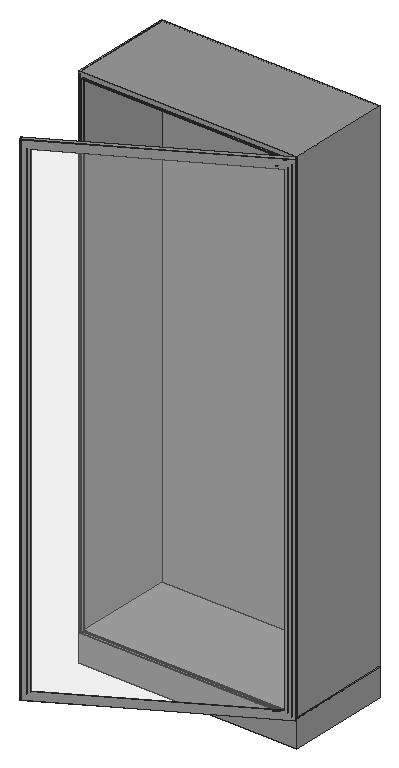
Revit family "Hager-Univers-IP55-D400-H1950-Cl.I-Steel_encl-NoHosted-NL-en", category Equipement électrique, Revit 2020
Family settings
  Configuration du panneau = Deux colonnes, circuits au sein
  Cote de connecteur circulaire = Utiliser le diamètre
  Type d'élément = Tableau de raccordement
  Basée sur le plan de construction = Oui
  Toujours verticalement = Oui
  Couper avec des vides une fois chargée = Non
  Partagée = Non
  Point de calcul de pièce = Non
Parameters (values of type "Floor installation IP55 W800 H1950 D400  - FR23V1")
  Width Control [instance] = if([EF000008 - Width] > Min Width, [EF000008 - Width], Min Width)  # 800 mm
  Commentaires du type = [HG000003 - Range]  # "Univers"
  Thickness Door [instance] = if([EF009171 - Material plate thickness door/cover] > 3 mm, 3 mm, [EF009171 - Material plate thickness door/cover])  # 1.5 mm
  Seal Frame Offset [instance] = 17 mm  # constant formula
  Plinth Visibility [instance] = [HG000027 - Plinth height] > 0 mm  # yes
  Min Width [instance] = 100 mm  # constant formula
  Min Depth [instance] = (2 * [EF009170 - Material plate thickness cabinet]) + 1 mm  # 4 mm
  Min Height [instance] = 100 mm  # constant formula
  Internal Frame Depth [instance] = (Door System Depth * 0.5)  # 9 mm
  Panel Name [instance] = ""  # (empty or 0)
  Model = ""
  HG000027 - Plinth height = 100 mm
  HG000026 - Floor standing = yes
  HG000024 - Bottom section height = 600 mm
  HG000023 - Double section enclosure = no
  HG000016 - Door 3d visibility [instance] = yes
  HG000015 - Clearance visibility [instance] = no
  HG000014 - Door on the right [instance] = yes
  HG000013 - Door on the left [instance] = not([HG000014 - Door on the right])  # no
  HG000012 - Door swing angle [instance] = 30.00°
  HG000010 - Asymmetric doors = no
  HG000009 - Double swing door = no
  HG000006 - Flush mounted = no
  HG000004 - Manufacturer reference = "FR23V1"
  HG000003 - Range = "Univers"
  HG000002 - With door or cover = yes
  Frame Offset Bottom [instance] = 10 mm  # constant formula
  Frame Offset [instance] = 15 mm  # constant formula
  EF015940 - Cover with overpressure release = no
  EF011959 - Degree of protection (NEMA) = ""
  EF009554 - Number of openings for flange plates = 6
  EF009212 - Cover model = "EV000116 - Closed"
  EF009171 - Material plate thickness door/cover = 1.5 mm
  EF009170 - Material plate thickness cabinet = 1.5 mm
  EF008873 - Nominal current (In) = 800 A
  EF007800 - Suitable for lightning protection = no
  EF006306 - With lock = no
  EF006244 - Transparent cover/door = yes
  EF005474 - Degree of protection (IP) = "EV006420 - IP55"
  EF004464 - Type of door = "EV002646 - Single"
  EF004427 - Number of modules = 432
  EF004293 - Impact strength = "EV008784 - IK10"
  EF003532 - Suitable for outdoor use = no
  EF002950 - Width in number of modular spacings = 24
  EF001613 - Circuit integrity = "EV000494 - None"
  EF001596 - Material housing = "EV000179 - Steel"
  EF001131 - Internal depth = 400 mm
  EF001088 - Extension possible = yes
  EF000437 - Number of conduit inlets = 6
  EF000339 - Type of cover = "EV004216 - Door"
  EF000266 - Number of rows = 12
  EF000218 - Built-in depth = 0 mm
  EF000118 - With mounting plate = no
  EF000116 - RAL-number = "7035"
  EF000049 - Depth = 400 mm
  EF000040 - Height = 1950 mm
  EF000008 - Width = 800 mm
  EF000007 - Colour = "EV000270 - Grey"
  EF000003 - Mounting method = "EV012274 - Floor installation"
  Door System Leaf Tolerance [instance] = 1.5 mm  # constant formula
  Door System Depth [instance] = 18 mm  # constant formula
  Door Height [instance] = Height Control - [HG000027 - Plinth height]  # 1850 mm
  Description = ""
  Default Elevation = 1219.2 mm
  Connector Offset [instance] = Height Control / 2  # 975 mm
  Fabricant = "Hager"  # constant formula
  Height Control [instance] = if([EF000040 - Height] > Min Height, [EF000040 - Height], Min Height)  # 1950 mm
  Depth Control [instance] = if([EF000049 - Depth] > Min Depth, [EF000049 - Depth], Min Depth)  # 400 mm
  Bottom Top Plate Trim [instance] = 1.5 mm  # constant formula
  Plinth height Ctrl [instance] = if([HG000027 - Plinth height] > 0 mm, [HG000027 - Plinth height], 12 mm)  # 100 mm
Types (11, lengths in mm): name | Width Control | HG000010 - Asymmetric doors | HG000009 - Double swing door | HG000004 - Manufacturer reference | EF009554 - Number of openings for flange plates | EF006244 - Transparent cover/door | EF004464 - Type of door | EF004427 - Number of modules | EF000437 - Number of conduit inlets | EF000008 - Width
  Floor installation IP55 W1050 H1950 D400  - FR24G1 | 1050 | yes | yes | "FR24G1" | 8 | no | "EV003602 - Double" | 576 | 8 | 1050
  Floor installation IP55 W1050 H1950 D400  - FR24V1 | 1050 | yes | yes | "FR24V1" | 8 | yes | "EV003602 - Double" | 576 | 8 | 1050
  Floor installation IP55 W1300 H1950 D400  - FR25G1 | 1300 | yes | yes | "FR25G1" | 10 | no | "EV003602 - Double" | 720 | 10 | 1300
  Floor installation IP55 W1300 H1950 D400  - FR25V1 | 1300 | yes | yes | "FR25V1" | 10 | yes | "EV003602 - Double" | 720 | 10 | 1300
  Floor installation IP55 W1550 H1950 D400  - FR26G1 | 1550 | yes | yes | "FR26G1" | 12 | no | "EV003602 - Double" | 864 | 12 | 1550
  Floor installation IP55 W1550 H1950 D400  - FR26V1 | 1550 | yes | yes | "FR26V1" | 12 | yes | "EV003602 - Double" | 864 | 12 | 1550
  Floor installation IP55 W300 H1950 D400  - FR21G1 | 300 | no | no | "FR21G1" | 2 | no | "EV002646 - Single" | 144 | 2 | 300
  Floor installation IP55 W550 H1950 D400  - FR22G1 | 550 | no | no | "FR22G1" | 4 | no | "EV002646 - Single" | 288 | 4 | 550
  Floor installation IP55 W550 H1950 D400  - FR22V1 | 550 | no | no | "FR22V1" | 4 | yes | "EV002646 - Single" | 288 | 4 | 550
  Floor installation IP55 W800 H1950 D400  - FR23G1 | 800 | no | no | "FR23G1" | 6 | no | "EV002646 - Single" | 432 | 6 | 800
  Floor installation IP55 W800 H1950 D400  - FR23V1 | 800 | no | no | "FR23V1" | 6 | yes | "EV002646 - Single" | 432 | 6 | 800
Reference planes
  plane 1 "Center (Front/Back)": y = 0
  plane 2: z = 0
  plane 3 "Center (Left/Right)": x = 0
  plane 4: y = 0
  plane 5: y = 0
  plane 6: z = 0
  plane 7: x = -400
  plane 8: x = 400
  plane 9: x = 398.5
  plane 10: x = -398.5
  plane 11: z = 100
  plane 12: z = 101.5
  plane 13: y = -400
  plane 14: y = -1.5
  plane 15: x = 0
  plane 16: y = -382
  plane 17: y = -398.5
  plane 18: y = -380.5
  plane 19: x = -383.5
  plane 20: x = 383.5
  plane 21: z = 111.5
  plane 22: x = -383
  plane 23: x = 383
  plane 24: z = 100
  plane 25: z = 1950
  plane 26: z = 1950
  plane 27: z = 1933.5
  plane 28: z = 1948.5
Forms (mm)
  Extrusion 1, solid, material "Hager_Steel_RAL7035_Light_Grey", detail levels medium+fine
    sketch origin (-208.679, -4572, 100) x (-1, 0, 0) y (0, -1, 0)
      loop
        line (191.321, -4190) -> (-608.679, -4190) -> (-608.679, -4572) -> (191.321, -4572) -> (191.321, -4190)
    from 0 to 1850
  Extrusion 2, void
    sketch origin (-350.771, -400, 1219.2) x (1, 0, 0) y (0, 0, 1)
      loop
        line (-47.729, 729.3) -> (-47.729, -1117.7) -> (749.271, -1117.7) -> (749.271, 729.3) -> (-47.729, 729.3)
    from -19.5 to -398.5
  Extrusion 3, void
    sketch origin (-290.084, -382, 1219.2) x (1, 0, 0) y (0, 0, 1)
      loop
        line (-93.416, -1107.7) -> (673.584, -1107.7) -> (673.584, 714.3) -> (-93.416, 714.3) -> (-93.416, -1107.7)
    from 0 to -1.5
  Extrusion 4, solid, material "Hager_Steel_RAL7035_Light_Grey", visible <- "Plinth Visibility", detail levels medium+fine
    sketch origin (0, 0, 0) x (1, 0, 0) y (0, 1, 0)
      loop
        line (-400, 0) -> (-400, -382) -> (400, -382) -> (400, 0) -> (-400, 0)
    from 0 to 100 <- "Plinth height Ctrl"
  Extrusion 5, solid, material "Hager_Steel_RAL7035_Light_Grey", detail levels coarse
    sketch origin (0, 0, 0) x (1, 0, 0) y (0, 1, 0)
      loop
        line (-400, 0) -> (-400, -400) -> (400, -400) -> (400, 0) -> (-400, 0)
    from 0 to 1950 <- "Height Control"
  Sweep 6, void
    path in 3D
      loop
        line (-400, -382, 100) -> (400, -382, 100) -> (400, 0, 100) -> (-400, 0, 100) -> (-400, -382, 100)
    profile origin (-400, -191, 100) x (1, 0, 0) y (0, 0, 1)
      loop
        line (0, 0) -> (0, -1.5) -> (1.5, -1.5)
        arc (1.5, -1.5) -> (1.061, -0.439) -> (0, 0) r 1.5
  Extrusion 7, solid, material "Hager_Steel_RAL7035_Light_Grey", detail levels fine
    sketch origin (-400, -382, 100) x (1, 0, 0) y (0, 0, 1)
      loop
        line (16.5, 11.5) -> (783.5, 11.5) -> (783.5, 1833.5) -> (16.5, 1833.5) -> (16.5, 11.5)
      loop
        line (15, 10) -> (785, 10) -> (785, 1835) -> (15, 1835) -> (15, 10)
    from 0 to 9 <- "Internal Frame Depth"
Cuts and joins
  Extrusion 2, Extrusion 3 cuts Extrusion 1
  Sweep 6 cuts Extrusion 4
Lines and regions (mm)
  Masking region 1
    outline origin (0, 0, 0) x (1, 0, 0) y (0, 1, 0)
      loop
        line (-400, 0) -> (-400, -400) -> (400, -400) -> (400, 0) -> (-400, 0)
  Masking region 2, detail levels coarse
    outline origin (-290.084, -382, 1219.2) x (-1, 0, 0) y (0, 0, 1)
      loop
        line (-690.084, -1219.2) -> (109.916, -1219.2) -> (109.916, 730.8) -> (-690.084, 730.8) -> (-690.084, -1219.2)
  Masking region 3, detail levels coarse
    outline origin (0, 0, 0) x (0, 1, 0) y (0, 0, 1)
      loop
        line (0, 0) -> (0, 1950) -> (-400, 1950) -> (-400, 0) -> (0, 0)
  Masking region 4, visible <- "Plinth Visibility", detail levels medium+fine
    outline origin (0, 0, 0) x (0, 1, 0) y (0, 0, 1)
      loop
        line (-1.5, 100) -> (-380.5, 100)
        arc (-380.5, 100) -> (-380.939, 98.939) -> (-382, 98.5) r 1.5
        line (-382, 98.5) -> (-382, 0) -> (0, 0) -> (0, 98.5)
        arc (0, 98.5) -> (-1.061, 98.939) -> (-1.5, 100) r 1.5
  Masking region 5, detail levels medium+fine
    outline origin (0, 0, 594.038) x (0, 1, 0) y (0, 0, 1)
      loop
        line (0, -494.038) -> (0, 1355.962) -> (-382, 1355.962) -> (-382, -494.038) -> (0, -494.038)
  Masking region 6, detail levels medium+fine
    outline origin (-359.7, -382, 1211.883) x (-1, 0, 0) y (0, 0, 1)
      loop
        line (-759.7, -1111.883) -> (40.3, -1111.883) -> (40.3, 738.117) -> (-759.7, 738.117) -> (-759.7, -1111.883)
  Masking region 7, visible <- "Plinth Visibility", detail levels medium+fine
    outline origin (-320.334, -382, 1041.368) x (-1, 0, 0) y (0, 0, 1)
      loop
        line (-720.334, -1041.368) -> (79.666, -1041.368) -> (79.666, -942.868)
        arc (79.666, -942.868) -> (78.606, -942.429) -> (78.166, -941.368) r 1.5
        line (78.166, -941.368) -> (-718.834, -941.368)
        arc (-718.834, -941.368) -> (-719.273, -942.429) -> (-720.334, -942.868) r 1.5
        line (-720.334, -942.868) -> (-720.334, -1041.368)
  sketch lines
    curve 1: line (-400, 0, 100) -> (-400, -382, 100)
    curve 2: line (-400, -382, 100) -> (400, -382, 100)
    curve 3: line (400, 0, 100) -> (-400, 0, 100)
    curve 4: line (400, -382, 100) -> (400, 0, 100)
Dimensions and locks
  locked: plane 1 "Center (Front/Back)" to plane 5
  "EF009170 - Material plate thickness cabinet": plane 7 to plane 10
  "EF009170 - Material plate thickness cabinet": plane 8 to plane 9
  equal spacing: plane 7, plane 3 "Center (Left/Right)", plane 8
  "Width Control": plane 7 to plane 8
  "Depth Control": plane 4 to plane 13
  "EF009170 - Material plate thickness cabinet": plane 4 to plane 14
  "Height Control": plane 25 to level
  "HG000027 - Plinth height": plane 11 to level
  "EF009170 - Material plate thickness cabinet": plane 12 to plane 11
  "EF009170 - Material plate thickness cabinet": plane 17 to plane 13
  "EF009170 - Material plate thickness cabinet": plane 18 to plane 16
  "Frame Offset Bottom": plane 21 to plane 12
  "Frame Offset": plane 10 to plane 19
  "Frame Offset": plane 9 to plane 20
  "Door System Depth": plane 16 to plane 13
  "Seal Frame Offset": plane 7 to plane 22
  "Seal Frame Offset": plane 8 to plane 23
  "EF009170 - Material plate thickness cabinet": plane 26 to plane 28
  "Frame Offset": plane 28 to plane 27
  "Connector Offset": plane 2 to connector elem
  "Bottom Top Plate Trim": profile plane to Sweep 6 sketch curve
  "Bottom Top Plate Trim": Sweep 6 sketch curve to Sweep 6 sketch curve
  "Plinth height Ctrl": Masking region 4 sketch curve to level
  "Plinth height Ctrl": Masking region 7 sketch curve to level
  "Thickness Door": Extrusion 7 sketch curve to Extrusion 7 sketch curve  (x4)
  "Bottom Top Plate Trim": radius of Sweep 6 sketch curve
  "Bottom Top Plate Trim": radius of Masking region 4 sketch curve  (x2)
  "Bottom Top Plate Trim": radius of Masking region 7 sketch curve  (x2)
  aligned and locked: Extrusion 2 sketch curve to plane 12
  aligned and locked: Extrusion 2 sketch curve to plane 9
  aligned and locked: Extrusion 2 sketch curve to plane 10
  aligned and locked: Extrusion 2 to plane 14
  aligned and locked: Extrusion 1 sketch curve to plane 4
  aligned and locked: plane 8 to Extrusion 1 sketch curve
  aligned and locked: plane 7 to Extrusion 1 sketch curve
  aligned and locked: Extrusion 2 to plane 18
  aligned and locked: Extrusion 3 sketch curve to plane 19
  aligned and locked: plane 20 to Extrusion 3 sketch curve
  aligned and locked: Extrusion 3 to Extrusion 2
  aligned and locked: Extrusion 3 sketch curve to plane 21
  aligned and locked: plane 3 "Center (Left/Right)" to nested 1
  aligned and locked: Extrusion 1 sketch curve to plane 16
  aligned and locked: Extrusion 4 sketch curve to cut or joined group of Extrusion 1, Extrusion 2, Extrusion 3
  aligned and locked: Masking region 1 sketch curve to plane 7
  aligned and locked: Masking region 1 sketch curve to plane 5
  aligned and locked: Masking region 1 sketch curve to plane 8
  aligned and locked: Masking region 2 sketch curve to level
  aligned and locked: level to Masking region 3 sketch curve
  aligned and locked: plane 1 "Center (Front/Back)" to Masking region 3 sketch curve
  aligned and locked: plane 13 to Masking region 3 sketch curve
  aligned and locked: plane 5 to Masking region 4 sketch curve
  aligned and locked: Masking region 2 sketch curve to plane 8
  aligned and locked: Masking region 2 sketch curve to plane 7
  aligned and locked: plane 7 to nested 2
  aligned and locked: nested 2 to plane 5
  aligned and locked: plane 5 to Masking region 5 sketch curve
  aligned and locked: plane 26 to Masking region 5 sketch curve
  aligned and locked: Extrusion 5 sketch curve to plane 8
  aligned and locked: Extrusion 5 sketch curve to plane 7
  aligned and locked: Extrusion 5 sketch curve to plane 5
  aligned and locked: Extrusion 3 sketch curve to plane 27
  aligned and locked: Extrusion 2 sketch curve to plane 28
  aligned and locked: Masking region 2 to plane 25
  aligned and locked: Extrusion 4 to plane 16
  aligned and locked: profile plane to Sweep 6 sketch curve
  aligned and locked: Masking region 5 sketch curve to plane 24
  aligned and locked: level to Masking region 4 sketch curve
  aligned and locked: Masking region 1 to plane 13
  aligned and locked: nested 1 to plane 16
  aligned and locked: Masking region 3 to plane 25
  aligned and locked: plane 16 to Masking region 4 sketch curve
  aligned and locked: Masking region 5 sketch curve to plane 16
  aligned and locked: plane 24 to plane 11
  aligned and locked: plane 26 to plane 25
  aligned and locked: plane 26 to cut or joined group of Extrusion 1, Extrusion 2, Extrusion 3
  aligned and locked: nested 1 to plane 24
  aligned and locked: Extrusion 1 to Extrusion 3
  aligned and locked: Masking region 6 sketch curve to plane 8
  aligned and locked: Masking region 6 sketch curve to plane 24
  aligned and locked: Masking region 6 sketch curve to plane 7
  aligned and locked: Masking region 6 sketch curve to plane 26
  aligned and locked: Masking region 7 sketch curve to plane 7
  aligned and locked: level to Masking region 7 sketch curve
  aligned and locked: Masking region 7 sketch curve to plane 8
  aligned and locked: Extrusion 7 sketch curve to cut or joined group of Extrusion 1, Extrusion 2, Extrusion 3  (x4)
Automatic sketch dimensions
  plane 19 to Extrusion 3 sketch curve = 0 mm
  Extrusion 3 sketch curve to plane 20 = 0 mm
  Extrusion 3 sketch curve to plane 21 = 0 mm
  Extrusion 4 sketch curve to plane 7 = 0 mm
  Extrusion 4 sketch curve to plane 8 = 0 mm
  Extrusion 4 sketch curve to plane 16 = 0 mm
  Masking region 1 sketch curve to plane 13 = 0 mm
  Masking region 2 sketch curve to plane 25 = 0 mm
  Masking region 3 sketch curve to plane 25 = 0 mm
  Extrusion 5 sketch curve to plane 13 = 0 mm
  profile plane to Sweep 6 sketch curve = 0 mm
Nested families
  nested 1: "EC000058_Univers_Door" at (0, -382, 100), Double <- "HG000009 - Double swing door", Transparent <- "EF006244 - Transparent cover/door", Angle <- "HG000012 - Door swing angle", Door_Right <- "HG000014 - Door on the right", Assymetrical <- "HG000010 - Asymmetric doors", Door <- "HG000002 - With door or cover", Width_Ctrl <- "Width Control", 3d_Door <- "HG000016 - Door 3d visibility", Clearance <- "HG000015 - Clearance visibility", Door_Left <- "HG000013 - Door on the left", Width <- "Width Control", Door_Depth <- "Door System Depth", Leaf_Tolerance <- "Door System Leaf Tolerance", Height <- "Door Height", Lock_Visibility <- "EF006306 - With lock", Thickness <- "Thickness Door", type "EC000058_Univers_Door", detail levels medium+fine
    with min_wh 4 mm, Width_Ctrl 800 mm, Width 800 mm, Transparent yes, Thickness 1.5 mm, Seal_Material Hager_Rubber, Lock_Visibility no, Lock_Material Hager_Plastic_RAL9005_Jet_Black, Leaf_Width 800 mm, Leaf_Tolerance_External_Sides 0 mm, Leaf_Tolerance 1.5 mm, Leaf_Offset 0 mm, Leaf_Height 1847 mm, Leaf_2_Width 800 mm, Leaf_2_Offset 400 mm, Leaf_1_Width 800 mm, Leaf_1_Offset 400 mm, Height_Ctrl 1850 mm, Height 1850 mm, Glass_Material Hager_Glass, Double_Clearance_Ctrl no, Double no, Door_Right_Ctrl yes, Door_Right yes, Door_Material Hager_Steel_RAL7035_Light_Grey, Door_Left_Ctrl no, Door_Left no, Door_Depth 18 mm, Door yes, Clearance_Material Hager_Clearance, Clearance_Depth 800 mm, Clearance_Ctrl no, Clearance no, Assymetrical no, Angle 30.00°, 3d_Door yes
  nested 2: "Hager_Enclosure_Symbol" at (-400, 0, 0), Height <- "Depth Control", Width <- "Width Control", type "Hager_Enclosure_Symbol"
    with Width_Ctrl 800 mm, Width 800 mm, Height_Ctrl 400 mm, Height 400 mm, A_Width_Int 26.25 mm, A_Width 315 mm, A_Height_Ctrl 350 mm, A_Height 350 mm
Connectors
  electrical at (0, 0, 975)
    settings: on plane 1 "Center (Front/Back)", index 1, voltage 0 V, apparent load 0 VA, apparent load phase1 0 VA, apparent load phase2 0 VA, apparent load phase3 0 VA, power factor 1, load classification "Other", number of poles 1, system type 30, power factor state 1, is connector primary yes, connector utility no, sub classification motor no, connector description ""
Definition of nested family "EC000058_Univers_Door"
  Parameters (values of type "EC000058_Univers_Door")
    min_wh [instance] = (2 * Thickness) + 1 mm  # 11 mm
    Width_Ctrl [instance] = 400 mm
    Width [instance] = 500 mm
    Transparent [instance] = yes
    Thickness [instance] = 5 mm
    Seal_Material [instance] = none
    Lock_Visibility [instance] = yes
    Lock_Material [instance] = none
    Leaf_Width [instance] = if((Width_Ctrl - 2 * Leaf_Tolerance_External_Sides) > 0 mm, (Width_Ctrl - 2 * Leaf_Tolerance_External_Sides), min_wh)  # 400 mm
    Leaf_Tolerance_External_Sides [instance] = 0 mm  # constant formula
    Leaf_Tolerance [instance] = 1.5 mm
    Leaf_Offset [instance] = 0 mm  # constant formula
    Leaf_Height [instance] = if((Height_Ctrl - 2 * Leaf_Tolerance) > 0 mm, (Height_Ctrl - 2 * Leaf_Tolerance), min_wh)  # 497 mm
    Leaf_2_Width [instance] = if(and(and(Double, Assymetrical), Door_Left), (Leaf_Width / 3) - (Leaf_Tolerance / 2), if(and(and(Double, Assymetrical), Door_Right), (Leaf_Width / 3) * 2 - (Leaf_Tolerance / 2), if(and(Double, not(Assymetrical)), (Leaf_Width / 2) - Leaf_Tolerance, Leaf_Width)))  # 400 mm
    Leaf_2_Offset [instance] = if(and(Double, Assymetrical), Leaf_2_Width / 2, if(and(Double, not(Assymetrical)), Leaf_Width / 4, Leaf_Width / 2))  # 200 mm
    Leaf_1_Width [instance] = if(and(and(Double, Assymetrical), Door_Right), (Leaf_Width / 3) - (Leaf_Tolerance / 2), if(and(and(Double, Assymetrical), Door_Left), (Width / 3) * 2 - (Leaf_Tolerance / 2), if(and(Double, not(Assymetrical)), (Leaf_Width / 2) - Leaf_Tolerance, Leaf_Width)))  # 400 mm
    Leaf_1_Offset [instance] = if(and(Double, Assymetrical), Leaf_1_Width / 2, if(and(Double, not(Assymetrical)), Leaf_Width / 4, Leaf_Width / 2))  # 200 mm
    Height_Ctrl [instance] = if(Height > min_wh, Height, min_wh)  # 500 mm
    Height [instance] = 500 mm
    Glass_Material [instance] = none
    Double_Clearance_Ctrl [instance] = and(Double, Clearance)  # no
    Double [instance] = no
    Door_Right_Ctrl [instance] = and(or(Door_Right, Double), Door)  # yes
    Door_Right [instance] = yes
    Door_Material [instance] = none
    Door_Left_Ctrl [instance] = and(or(Door_Left, Double), Door)  # no
    Door_Left [instance] = no
    Door_Depth [instance] = 30 mm
    Door [instance] = yes
    Default Elevation = 1219.2 mm
    Clearance_Material [instance] = none
    Clearance_Depth [instance] = if(Leaf_1_Width > Leaf_2_Width, Leaf_1_Width, Leaf_2_Width)  # 400 mm
    Clearance_Ctrl [instance] = and(not(Double), Clearance)  # yes
    Clearance [instance] = yes
    Assymetrical [instance] = yes
    Angle [instance] = 30.00°
    3d_Door [instance] = yes
  Reference planes
    plane 1 "Center (Front/Back)": y = 0
    plane 2 "Bottom": z = 0
    plane 3 "Center (Left/Right)": x = 0
    plane 4: z = 500
    plane 5: x = -200
    plane 6: x = 200
    plane 7: z = 500
    plane 8: x = -200
    plane 9: z = 0
    plane 10: x = 200
    plane 11: y = 0
    plane 12: z = 1.5
    plane 13: x = -600
    plane 14: y = -400
    plane 15: x = 600
    plane 16: x = 0
    plane 17: x = 0
    plane 18: x = -200
    plane 19: x = 200
    plane 20: z = 498.5
  Forms (mm)
    Extrusion 1, solid, material <- "Clearance_Material", visible <- "Double_Clearance_Ctrl"
      sketch origin (1200, 0, 0) x (1, 0, 0) y (0, 0, -1)
        loop
          line (-1800, -498.5) -> (-600, -498.5) -> (-600, 0) -> (-1800, 0) -> (-1800, -498.5)
      from 0 to -400
  Dimensions and locks
    equal spacing: plane 5, plane 3 "Center (Left/Right)", plane 6
    "Width_Ctrl": plane 5 to plane 6
    "Leaf_Offset": plane 5 to plane 8
    "Leaf_Offset": plane 6 to plane 10
    "Leaf_Offset": plane 9 to level
    "Leaf_Offset": plane 4 to plane 7
    "Height_Ctrl": plane 4 to level
    "Leaf_Tolerance": plane 12 to plane 9
    locked: plane 11 to plane 1 "Center (Front/Back)"
    "Leaf_1_Offset": plane 18 to plane 16
    "Leaf_2_Offset": plane 17 to plane 19
    "Leaf_1_Width": plane 13 to plane 8
    "Leaf_2_Width": plane 10 to plane 15
    "Clearance_Depth": plane 14 to plane 1 "Center (Front/Back)"
    "Leaf_Tolerance_External_Sides": plane 8 to plane 18
    "Leaf_Tolerance_External_Sides": plane 19 to plane 10
    "Leaf_Tolerance": plane 7 to plane 20
    aligned and locked: level to plane 2 "Bottom"
    aligned and locked: nested 1 to plane 16
    aligned and locked: nested 2 to plane 17
    aligned and locked: Extrusion 1 to plane 13
    aligned and locked: plane 15 to Extrusion 1
    aligned and locked: Extrusion 1 to plane 14
    aligned and locked: plane 12 to nested 1
    aligned and locked: nested 2 to plane 12
    aligned and locked: Extrusion 1 to plane 11
    aligned and locked: plane 20 to Extrusion 1
    aligned and locked: nested 2 to plane 11
    aligned and locked: nested 1 to plane 11
  Automatic sketch dimensions
    Extrusion 1 sketch curve to level = 0 mm
    plane 5 to Extrusion 1 sketch curve = 400 mm
    plane 6 to Extrusion 1 sketch curve = 400 mm
    Extrusion 1 sketch curve to plane 4 = 1.5 mm
  Nested families
    nested 1: "EC000058_Univers_Door_Leaf" at (0, 0, 1.5), Width <- "Leaf_1_Width", visible <- "Door_Left_Ctrl", Leaf_Height <- "Leaf_Height", Angle <- "Angle", 3d_Door <- "3d_Door", Transparent <- "Transparent", Clearance Material <- "Clearance_Material", Clearance <- "Clearance_Ctrl", Door_Material <- "Door_Material", Glass_Material <- "Glass_Material", Door_Depth <- "Door_Depth", Lock_Material <- "Lock_Material", Seal_Material <- "Seal_Material", Lock_Visibility <- "Lock_Visibility", Thickness <- "Thickness", type "EC000058_Univers_Door_Leaf"
      with Width 400 mm, Transparent_Glass_Offset 30 mm, Transparent_Ctrl yes, Transparent yes, Thickness 5 mm, Standard no, Seal_Material none, Seal_D2 8 mm, Seal_D1 1 mm, Offset_Internal_Frame 10 mm, Lock_Width 20 mm, Lock_Visibility_3d yes, Lock_Visibility yes, Lock_Thickness_3 3 mm, Lock_Thickness_2 1 mm, Lock_Thickness_1 3 mm, Lock_Radius_Offset_2 16 mm, Lock_Radius_Offset_1 15 mm, Lock_Radius_2 5 mm, Lock_Radius 6 mm, Lock_Offset 5 mm, Lock_Material none, Lock_Height 80 mm, Lock_Cover_Top_Offset_2d 17 mm, Lock_Cover_Height -65 mm, Leaf_Height 497 mm, Internal_Seal_Thickness 8 mm, Internal_Seal_Depth_2 4.5 mm, Internal_Frame_Depth 25 mm, Glass_Thickness -1 mm, Glass_Offset -2 mm, Glass_Material none, Door_Material none, Door_Depth 30 mm, Clearance Material none, Clearance yes, Angle_Ctrl 30.00°, Angle 30.00°, 3d_Door yes
    nested 2: "EC000058_Univers_Door_Leaf" at (0, 0, 1.5) x (-1, 0, 0) z (0, 0, 1), Width <- "Leaf_2_Width", visible <- "Door_Right_Ctrl", Leaf_Height <- "Leaf_Height", Angle <- "Angle", 3d_Door <- "3d_Door", Transparent <- "Transparent", Clearance Material <- "Clearance_Material", Clearance <- "Clearance_Ctrl", Door_Material <- "Door_Material", Glass_Material <- "Glass_Material", Door_Depth <- "Door_Depth", Lock_Material <- "Lock_Material", Seal_Material <- "Seal_Material", Lock_Visibility <- "Lock_Visibility", Thickness <- "Thickness", type "EC000058_Univers_Door_Leaf"
      with Width 400 mm, Transparent_Glass_Offset 30 mm, Transparent_Ctrl yes, Transparent yes, Thickness 5 mm, Standard no, Seal_Material none, Seal_D2 8 mm, Seal_D1 1 mm, Offset_Internal_Frame 10 mm, Lock_Width 20 mm, Lock_Visibility_3d yes, Lock_Visibility yes, Lock_Thickness_3 3 mm, Lock_Thickness_2 1 mm, Lock_Thickness_1 3 mm, Lock_Radius_Offset_2 16 mm, Lock_Radius_Offset_1 15 mm, Lock_Radius_2 5 mm, Lock_Radius 6 mm, Lock_Offset 5 mm, Lock_Material none, Lock_Height 80 mm, Lock_Cover_Top_Offset_2d 17 mm, Lock_Cover_Height -65 mm, Leaf_Height 497 mm, Internal_Seal_Thickness 8 mm, Internal_Seal_Depth_2 4.5 mm, Internal_Frame_Depth 25 mm, Glass_Thickness -1 mm, Glass_Offset -2 mm, Glass_Material none, Door_Material none, Door_Depth 30 mm, Clearance Material none, Clearance yes, Angle_Ctrl 30.00°, Angle 30.00°, 3d_Door yes
  Definition of nested family "EC000058_Univers_Door_Leaf"
    Parameters (values of type "EC000058_Univers_Door_Leaf")
      Width [instance] = 2000 mm
      Transparent_Glass_Offset [instance] = 30 mm
      Transparent_Ctrl [instance] = and(Transparent, [3d_Door])  # yes
      Transparent [instance] = yes
      Thickness [instance] = 5 mm
      Standard [instance] = and(not(Transparent), [3d_Door])  # no
      Seal_Material [instance] = none
      Seal_D2 [instance] = 8 mm  # constant formula
      Seal_D1 [instance] = 1 mm  # constant formula
      Offset_Internal_Frame [instance] = 10 mm  # constant formula
      Lock_Width [instance] = 20 mm  # constant formula
      Lock_Visibility_3d [instance] = and(Lock_Visibility, [3d_Door])  # yes
      Lock_Visibility [instance] = yes
      Lock_Thickness_3 [instance] = 3 mm  # constant formula
      Lock_Thickness_2 [instance] = 1 mm  # constant formula
      Lock_Thickness_1 [instance] = 3 mm  # constant formula
      Lock_Radius_Offset_2 [instance] = Lock_Radius_Offset_1 + 1 mm  # 16 mm
      Lock_Radius_Offset_1 [instance] = 15 mm  # constant formula
      Lock_Radius_2 [instance] = Lock_Radius - 1 mm  # 5 mm
      Lock_Radius [instance] = 6 mm  # constant formula
      Lock_Offset [instance] = 5 mm  # constant formula
      Lock_Material [instance] = none
      Lock_Height [instance] = 80 mm  # constant formula
      Lock_Cover_Top_Offset_2d [instance] = Lock_Radius_Offset_2 + 1 mm  # 17 mm
      Lock_Cover_Height [instance] = -(Lock_Height - Lock_Radius_Offset_1)  # -65 mm
      Leaf_Height [instance] = 2720.336 mm
      Internal_Seal_Thickness [instance] = 8 mm  # constant formula
      Internal_Seal_Depth_2 [instance] = 4.5 mm  # constant formula
      Internal_Frame_Depth [instance] = if(Door_Depth - Thickness > 5 mm, Door_Depth - Thickness, 5 mm)  # 25 mm
      Glass_Thickness [instance] = if(Thickness > 15 mm, Glass_Offset + 10 mm, -1 mm)  # -1 mm
      Glass_Offset [instance] = if(Thickness > 15 mm, -(Thickness + 10 mm) / 2, -2 mm)  # -2 mm
      Glass_Material [instance] = none
      Door_Material [instance] = none
      Door_Depth [instance] = 30 mm
      Default Elevation = 0 mm
      Clearance Material [instance] = none
      Clearance [instance] = yes
      Angle_Ctrl [instance] = if(Angle > 180.00°, 180.00°, Angle)  # 90.00°
      Angle [instance] = 90.00°
      3d_Door [instance] = yes
    Reference planes
      plane 1 "Center (Front/Back)": y = 0
      plane 2: z = 0
      plane 3 "Center (Left/Right)": x = 0
      plane 4: y = 2000
      plane 5: x = -1000
      plane 6: x = 1000
      plane 7: x = -3000
      plane 8: z = 2720.336
      plane 9: z = 30
      plane 10: z = 2690.336
      plane 11: x = 970
      plane 12: x = -970
      plane 13: y = -3
      plane 14: z = 107.833
      plane 15: y = -5
      plane 16: y = -223.314
      plane 17: x = -1000
      plane 18: z = 1360.168
      plane 19: y = 30
    Forms (mm)
      Extrusion 1, solid, material <- "Clearance Material", visible <- "Clearance"
        sketch origin (0, 0, 0) x (1, 0, 0) y (0, 0, 1)
          loop
            line (-3000, 2720.336) -> (-3000, 0) -> (1000, 0) -> (1000, 2720.336) -> (-3000, 2720.336)
        from 0 to -2000
      Extrusion 2, solid, material <- "Door_Material", visible <- "Standard", detail levels medium+fine
        sketch origin (-1000, 0, 0) x (0, 1, 0) y (-1, 0, 0)
          loop
            line (0, 30) -> (0, 25) -> (2000, 25) -> (2000, 30) -> (0, 30)
        from 0 to 2720.336 <- "Leaf_Height"
      Extrusion 3, solid, material <- "Door_Material", visible <- "Transparent_Ctrl", detail levels medium+fine
        sketch origin (-1000, 0, 0) x (0, 1, 0) y (-1, 0, 0)
          loop
            line (0, 25) -> (2000, 25) -> (2000, 30) -> (0, 30) -> (0, 25)
        from 0 to 2720.336 <- "Leaf_Height"
      Extrusion 4, void
        sketch origin (-1025, 2000, 0) x (0, 1, 0) y (0, 0, -1)
          loop
            line (-30, -2690.336) -> (-30, -30) -> (-1970, -30) -> (-1970, -2690.336) -> (-30, -2690.336)
        from 0 to 5 <- "Thickness"
      Sweep 5, solid, material <- "Seal_Material", visible <- "Transparent_Ctrl", detail levels fine
        path in 3D
          loop
            line (-1025, 30, 30) -> (-1025, 30, 2690.336) -> (-1025, 1970, 2690.336) -> (-1025, 1970, 30) -> (-1025, 30, 30)
        profile origin (-1025, 1000, 30) x (1, 0, 0) y (0, 0, 1)
          loop
            line (0, 0) -> (0, -8) -> (1, -8) -> (1, 0) -> (0, 0)
      Extrusion 6, solid, material <- "Glass_Material", visible <- "Transparent_Ctrl", detail levels medium+fine
        sketch origin (-1030, 0, 0) x (0, 1, 0) y (0, 0, -1)
          loop
            line (1970, -2690.336) -> (1970, -30) -> (30, -30) -> (30, -2690.336) -> (1970, -2690.336)
        from -2 <- "Glass_Offset" to -1 <- "Glass_Thickness"
      Extrusion 7, solid, material <- "Door_Material", visible <- "3d_Door", detail levels medium+fine
        sketch origin (-1025, 2000, 0) x (0, -1, 0) y (0, 0, -1)
          loop
            line (0, -2720.336) -> (2000, -2720.336) -> (2000, 0) -> (0, 0) -> (0, -2720.336)
          loop
            line (1995, -5) -> (5, -5) -> (5, -2715.336) -> (1995, -2715.336) -> (1995, -5)
        from 0 to 25 <- "Internal_Frame_Depth"
      Sweep 8, solid, material <- "Seal_Material", visible <- "Transparent_Ctrl", detail levels fine
        path in 3D
          loop
            line (-1025, 0, 0) -> (-1025, 2000, 0) -> (-1025, 2000, 2720.336) -> (-1025, 0, 2720.336) -> (-1025, 0, 0)
        profile origin (-1025, 0, 1360.168) x (1, 0, 0) y (0, 1, 0)
          loop
            line (0, 10) -> (2.975, 10)
            arc (2.975, 10) -> (4.053, 10.447) -> (4.5, 11.525) r 1.525
            line (4.5, 11.525) -> (4.5, 16.527)
            arc (4.5, 16.527) -> (4.069, 17.569) -> (3.027, 18) r 1.473
            line (3.027, 18) -> (0, 18) -> (0, 10)
      Extrusion 9, solid, material <- "Lock_Material", visible <- "Lock_Visibility_3d", detail levels fine
        sketch origin (-1030, 0, 0) x (0, 1, 0) y (0, 0, -1)
          loop
            arc (1993.5, -1400.168) -> (1994.561, -1399.729) -> (1995, -1398.668) r 1.5
            line (1995, -1398.668) -> (1995, -1320.168) -> (1975, -1320.168) -> (1975, -1398.668)
            arc (1975, -1398.668) -> (1975.439, -1399.729) -> (1976.5, -1400.168) r 1.5
            line (1976.5, -1400.168) -> (1993.5, -1400.168)
        from 3 <- "Lock_Thickness_1" to 0
      Blend 10, solid, material <- "Lock_Material", visible <- "Lock_Visibility_3d", detail levels fine
        base sketch origin (-1033, 0, 0) x (0, 1, 0) y (0, 0, -1)
          loop
            line (1975, -1320.168) -> (1975, -1398.668)
            arc (1975, -1398.668) -> (1975.439, -1399.729) -> (1976.5, -1400.168) r 1.5
            line (1976.5, -1400.168) -> (1993.5, -1400.168)
            arc (1993.5, -1400.168) -> (1994.561, -1399.729) -> (1995, -1398.668) r 1.5
            line (1995, -1398.668) -> (1995, -1320.168) -> (1975, -1320.168)
        top sketch origin (-1033, 0, 0) x (0, 1, 0) y (0, 0, -1)
          loop
            line (1976, -1320.168) -> (1976, -1398.668)
            arc (1976, -1398.668) -> (1976.146, -1399.022) -> (1976.5, -1399.168) r 0.5
            line (1976.5, -1399.168) -> (1993.5, -1399.168)
            arc (1993.5, -1399.168) -> (1993.854, -1399.022) -> (1994, -1398.668) r 0.5
            line (1994, -1398.668) -> (1994, -1320.168) -> (1976, -1320.168)
        from 0 to 1 <- "Lock_Thickness_2"
      Blend 11, solid, material <- "Lock_Material", visible <- "Lock_Visibility_3d", detail levels fine
        base sketch origin (-1034, 0, 0) x (0, 1, 0) y (0, 0, -1)
          loop
            line (1978, -1320.168) -> (1978, -1384.168)
            arc (1978, -1384.168) -> (1985, -1391.168) -> (1992, -1384.168) r 7
            line (1992, -1384.168) -> (1992, -1320.168) -> (1978, -1320.168)
        top sketch origin (-1034, 0, 0) x (0, 1, 0) y (0, 0, -1)
          loop
            line (1991, -1320.168) -> (1979, -1320.168) -> (1979, -1383.168)
            arc (1979, -1383.168) -> (1985, -1389.168) -> (1991, -1383.168) r 6
            line (1991, -1383.168) -> (1991, -1320.168)
        from 0 to 3 <- "Lock_Thickness_3"
      Extrusion 12, solid, material <- "Lock_Material", visible <- "Lock_Visibility_3d", detail levels fine
        sketch origin (-1030, 1975, 1320.168) x (1, 0, 0) y (0, -1, 0)
          loop
            line (-7, -19) -> (-7, -1) -> (0, -1) -> (0, 0) -> (-8, 0) -> (-8, -20) -> (0, -20) -> (0, -19) -> (-7, -19)
        from 0 to -65 <- "Lock_Cover_Height"
      Extrusion 13, void
        sketch origin (-1038, 1995, 1320.168) x (-1, 0, 0) y (0, 0, -1)
          loop
            line (-5, -65) -> (0, -65) -> (-5, -60) -> (-5, -65)
        from 0 to 20 <- "Lock_Width"
      Extrusion 14, void
        sketch origin (-1038, 1975, 1320.168) x (0, -1, 0) y (0, 0, -1)
          loop
            circle (-10, -15.995) r 6
          loop
            circle (-10, -15.995) r 5
        from 0 to 2
      Extrusion 15, solid, material <- "Lock_Material", visible <- "Lock_Visibility_3d", detail levels medium
        sketch origin (-1030, 0, 0) x (0, 1, 0) y (0, 0, -1)
          loop
            arc (1993.5, -1400.168) -> (1994.561, -1399.729) -> (1995, -1398.668) r 1.5
            line (1995, -1398.668) -> (1995, -1320.168) -> (1975, -1320.168) -> (1975, -1398.668)
            arc (1975, -1398.668) -> (1975.439, -1399.729) -> (1976.5, -1400.168) r 1.5
            line (1976.5, -1400.168) -> (1993.5, -1400.168)
        from 8 to 0
    Cuts and joins
      Extrusion 4 cuts Extrusion 3
      Extrusion 13, Extrusion 14 cuts Extrusion 9
      Extrusion 14 cuts Blend 11
      Extrusion 13, Extrusion 14 cuts Extrusion 12
      joined: Extrusion 9, Blend 10, Blend 11, Extrusion 12
      Extrusion 14 cuts Extrusion 15
    Lines and regions (mm)
      Masking region 1, visible <- "Lock_Visibility", detail levels fine
        outline origin (0, 0, 0) x (0, 1, 0) y (0, 0, 1)
          loop
            line (30, 1320.168) -> (33, 1320.168) -> (33, 1400.168) -> (30, 1400.168) -> (30, 1320.168)
      Masking region 2, visible <- "Lock_Visibility", detail levels fine
        outline origin (0, 3.143, 0) x (0, 1, 0) y (0, 0, 1)
          loop
            line (29.857, 1354.168) -> (30.857, 1354.168) -> (30.857, 1366.168) -> (29.857, 1366.168) -> (29.857, 1354.168)
      Masking region 3, detail levels medium+fine
        outline origin (0, 0, 0) x (0, 1, 0) y (0, 0, 1)
          loop
            line (0, 0) -> (30, 0) -> (30, 2720.336) -> (0, 2720.336) -> (0, 0)
      Masking region 4, detail levels medium+fine
        outline origin (0, 0, 0) x (1, 0, 0) y (0, 0, 1)
          loop
            line (-1000, 2720.336) -> (-1000, 0) -> (1000, 0) -> (1000, 2720.336) -> (-1000, 2720.336)
      Masking region 5, visible <- "Lock_Visibility", detail levels fine
        outline origin (-47.116, 0, 0) x (1, 0, 0) y (0, 0, 1)
          loop
            arc (1024.616, 1399.168) -> (1023.556, 1398.729) -> (1023.116, 1397.668) r 1.5
            line (1023.116, 1397.668) -> (1023.116, 1320.168) -> (1041.116, 1320.168) -> (1041.116, 1397.668)
            arc (1041.116, 1397.668) -> (1040.677, 1398.729) -> (1039.616, 1399.168) r 1.5
            line (1039.616, 1399.168) -> (1024.616, 1399.168)
      Masking region 6, visible <- "Lock_Visibility", detail levels medium+fine
        outline origin (-25, 0, 0) x (1, 0, 0) y (0, 0, 1)
          loop
            arc (1001.5, 1400.168) -> (1000.439, 1399.729) -> (1000, 1398.668) r 1.5
            line (1000, 1398.668) -> (1000, 1320.168) -> (1020, 1320.168) -> (1020, 1398.668)
            arc (1020, 1398.668) -> (1019.561, 1399.729) -> (1018.5, 1400.168) r 1.5
            line (1018.5, 1400.168) -> (1001.5, 1400.168)
      Masking region 7, visible <- "Lock_Visibility", detail levels fine
        outline origin (-73.735, 0, 0) x (1, 0, 0) y (0, 0, 1)
          loop
            line (1051.735, 1382.168) -> (1065.735, 1382.168) -> (1065.735, 1384.168)
            arc (1065.735, 1384.168) -> (1058.735, 1391.168) -> (1051.735, 1384.168) r 7
            line (1051.735, 1384.168) -> (1051.735, 1382.168)
      Masking region 8, visible <- "Lock_Visibility", detail levels fine
        outline origin (-73.735, 0, 0) x (1, 0, 0) y (0, 0, 1)
          loop
            line (1052.735, 1382.168) -> (1064.735, 1382.168) -> (1064.735, 1383.168)
            arc (1064.735, 1383.168) -> (1058.735, 1389.168) -> (1052.735, 1383.168) r 6
            line (1052.735, 1383.168) -> (1052.735, 1382.168)
      Masking region 9, visible <- "Lock_Visibility", detail levels fine
        outline origin (-25, 0, 0) x (1, 0, 0) y (0, 0, 1)
          loop
            line (1020, 1320.168) -> (1020, 1382.168) -> (1000, 1382.168) -> (1000, 1320.168) -> (1020, 1320.168)
      Masking region 10, detail levels medium+fine
        outline origin (0, 0, 0) x (1, 0, 0) y (0, 0, 1)
          loop
            circle (985, 1335.144) r 6
      Masking region 11, detail levels fine
        outline origin (0, 0, 0) x (1, 0, 0) y (0, 0, 1)
          loop
            circle (985, 1335.144) r 5
      Masking region 12, visible <- "Lock_Visibility", detail levels fine
        outline origin (0, 12.767, 0) x (0, 1, 0) y (0, 0, 1)
          loop
            line (20.233, 1320.168) -> (21.233, 1320.168) -> (21.233, 1399.168) -> (20.233, 1400.168) -> (20.233, 1320.168)
      Masking region 13, visible <- "Lock_Visibility", detail levels fine
        outline origin (0, 13.767, -10) x (0, 1, 0) y (0, 0, 1)
          loop
            line (20.233, 1330.168) -> (23.233, 1330.168) -> (23.233, 1399.168) -> (20.233, 1402.168) -> (20.233, 1330.168)
      Masking region 14, visible <- "Lock_Visibility", detail levels fine
        outline origin (0, 12.767, -10) x (0, 1, 0) y (0, 0, 1)
          loop
            line (20.233, 1330.168) -> (25.233, 1330.168) -> (25.233, 1399.305) -> (20.233, 1394.305) -> (20.233, 1330.168)
      Masking region 15, visible <- "Lock_Visibility", detail levels medium
        outline origin (0, 0, 0) x (0, 1, 0) y (0, 0, 1)
          loop
            line (30, 1320.168) -> (38, 1320.168) -> (38, 1400.168) -> (30, 1400.168) -> (30, 1320.168)
      Masking region 16, visible <- "Lock_Visibility", detail levels fine
        outline origin (-1000, 0, 0) x (0, 1, 0) y (-1, 0, 0)
          loop
            line (1975, 30) -> (1995, 30) -> (1995, 38) -> (1975, 38) -> (1975, 30)
          loop
            line (1979, 37) -> (1976, 37) -> (1976, 34) -> (1978, 34) -> (1979, 37)
          loop
            line (1994, 37) -> (1991, 37) -> (1992, 34) -> (1994, 34) -> (1994, 37)
      Masking region 17, visible <- "Lock_Visibility", detail levels medium
        outline origin (-1000, 0, 0) x (0, 1, 0) y (-1, 0, 0)
          loop
            line (1975, 30) -> (1995, 30) -> (1995, 38) -> (1975, 38) -> (1975, 30)
      symbolic lines
        curve 1: line (1000, 0, 0) -> (-3000, 0, 0)
        curve 2: arc (1000, 0, 0) -> (-1000, 2000, 0) -> (-3000, 0, 0) r 2000
        curve 4: line (-1030, 0, 0) -> (-1030, 2000, 0)
      reference lines
        curve 3: line (-1000, 0, 0) -> (-1000, 2000, 0)
      symbolic lines, detail levels medium+fine
        curve 5: line (-1030, 2000, 0) -> (-1025, 2000, 0)
        curve 7: line (-1025, 0, 0) -> (-1030, 0, 0)
        curve 8: line (-1025, 0, 0) -> (-1000, 0, 0)
        curve 9: line (-1000, 0, 0) -> (-1000, 2000, 0)
        curve 10: line (-1000, 2000, 0) -> (-1025, 2000, 0)
      symbolic lines, detail levels fine
        curve 6: line (-1025, 2000, 0) -> (-1025, 0, 0)
      sketch lines
        curve 11: line (-1025, 0, 2720.336) -> (-1025, 0, 0)
        curve 12: line (-1025, 2000, 0) -> (-1025, 0, 0)
        curve 13: line (-1025, 2000, 2720.336) -> (-1025, 2000, 0)
        curve 14: line (-1025, 0, 2720.336) -> (-1025, 2000, 2720.336)
        curve 15: line (-1025, 1970, 30) -> (-1025, 30, 30)
        curve 16: line (-1025, 30, 30) -> (-1025, 30, 2690.336)
        curve 17: line (-1025, 1970, 2690.336) -> (-1025, 1970, 30)
        curve 18: line (-1025, 30, 2690.336) -> (-1025, 1970, 2690.336)
      symbolic lines, visible <- "Transparent", detail levels medium+fine
        curve 19: line (-970, 0, 2690.336) -> (970, 0, 2690.336)
        curve 20: line (-970, 0, 30) -> (-970, 0, 2690.336)
        curve 21: line (970, 0, 30) -> (-970, 0, 30)
        curve 22: line (970, 0, 2690.336) -> (970, 0, 30)
    Dimensions and locks
      "Width": plane 1 "Center (Front/Back)" to plane 4
      equal spacing: plane 5, plane 3 "Center (Left/Right)", plane 6
      "Width": plane 5 to plane 6
      "Width": plane 7 to plane 5
      "Leaf_Height": plane 8 to level
      "Width": curve 5 to curve 3
      "Width": curve 3 to curve 3
      plane 8 to plane 10 = 30 mm
      plane 9 to level = 30 mm
      plane 12 to plane 5 = 30 mm
      plane 6 to plane 11 = 30 mm
      Extrusion 1 to Extrusion 4 sketch curve = 30 mm
      "Transparent_Glass_Offset": curve 3 to Extrusion 4 sketch curve
      "Transparent_Glass_Offset": Extrusion 4 sketch curve to cut or joined group of Extrusion 3, Extrusion 4  (x2)
      cut or joined group of Extrusion 3, Extrusion 4 to Extrusion 6 sketch curve = 30 mm
      "Transparent_Glass_Offset": cut or joined group of Extrusion 3, Extrusion 4 to Extrusion 4 sketch curve
      "Thickness": curve 6 to curve 4
      "Thickness": Extrusion 7 sketch curve to Extrusion 7 sketch curve  (x4)
      "Door_Depth": curve 4 to curve 3
      "Offset_Internal_Frame": profile plane to Sweep 8 sketch curve
      "Internal_Seal_Thickness": Sweep 8 sketch curve to Sweep 8 sketch curve
      "Internal_Seal_Depth_2": profile plane to Sweep 8 sketch curve
      "Seal_D1": profile plane to Sweep 5 sketch curve
      "Seal_D2": profile plane to Sweep 5 sketch curve
      "Thickness": Extrusion 2 sketch curve to Extrusion 2 sketch curve
      equal spacing: Extrusion 9 sketch curve, plane 18, Extrusion 9 sketch curve  (x2)
      equal spacing: Masking region 1 sketch curve, plane 18, Masking region 1 sketch curve
      "Lock_Height": Masking region 1 sketch curve to Masking region 1 sketch curve
      "Lock_Radius": Masking region 2 sketch curve to plane 18 to Masking region 2 sketch curve
      Masking region 2 sketch curve to Masking region 1 = 1 mm
      "Door_Depth": plane 19 to plane 1 "Center (Front/Back)"
      "Lock_Thickness_1": Masking region 1 sketch curve to plane 19
      "Lock_Width": Extrusion 9 sketch curve to Extrusion 9 sketch curve
      "Lock_Height": Extrusion 9 sketch curve to Extrusion 9 sketch curve
      "Lock_Offset": cut or joined group of Extrusion 3, Extrusion 4 to Extrusion 9 sketch curve
      equal spacing: plane 8, plane 18, level
      "Lock_Radius_Offset_1": Blend 11 sketch curve to Blend 10
      locked: Blend 10 to Blend 11 sketch curve at 2  (x2)
      locked: var sketch to Blend 11 sketch curve at 1  (x2)
      "Lock_Radius_Offset_2": Blend 11 sketch curve to Blend 10
      locked: Extrusion 12 sketch curve to Extrusion 12 sketch curve at 1  (x3)
      Masking region 6 sketch curve to Masking region 6 sketch curve = 80 mm
      "Lock_Height": Masking region 6 sketch curve to Masking region 6 sketch curve
      "Lock_Width": Masking region 6 sketch curve to Masking region 6 sketch curve
      locked: Masking region 6 to Masking region 5 sketch curve at 1  (x3)
      locked: Masking region 5 to Masking region 7 sketch curve at 2  (x2)
      "Lock_Radius_Offset_1": Masking region 5 to Masking region 7 sketch curve
      "Lock_Radius_Offset_2": Masking region 5 to Masking region 8 sketch curve
      locked: Masking region 7 to Masking region 8 sketch curve at 1  (x2)
      "Lock_Cover_Top_Offset_2d": Masking region 5 to Masking region 9 sketch curve
      equal spacing: Masking region 9, Masking region 10 sketch curve, Masking region 9
      equal spacing: Masking region 9, Masking region 11 sketch curve, Masking region 9
      Extrusion 15 sketch curve to Extrusion 15 sketch curve = 80 mm
      "Lock_Width": Extrusion 15 sketch curve to Extrusion 15 sketch curve
      "Lock_Height": Extrusion 15 sketch curve to Extrusion 15 sketch curve
      equal spacing: Extrusion 15 sketch curve, plane 18, Extrusion 15 sketch curve
      "Lock_Thickness_3": Masking region 13 sketch curve to Masking region 13 sketch curve
      "Lock_Height": Masking region 12 sketch curve to Masking region 12 sketch curve
      locked: Masking region 13 sketch curve to Masking region 1 at 8
      locked: Masking region 14 sketch curve to Masking region 13 at 1
      locked: Masking region 14 sketch curve to Masking region 1 at 10.863
      "Lock_Height": Masking region 15 sketch curve to Masking region 15 sketch curve
      "Lock_Offset": Extrusion 15 sketch curve to cut or joined group of Extrusion 3, Extrusion 4
      "Lock_Offset": plane 6 to Masking region 6 sketch curve
      radius of Sweep 8 sketch curve = 1.525 mm
      radius of Sweep 8 sketch curve = 1.473 mm
      radius of Extrusion 9 sketch curve = 1.5 mm  (x2)
      "Lock_Radius": radius of Extrusion 14 sketch curve
      "Lock_Radius_2": radius of Extrusion 14 sketch curve
      "Lock_Radius": radius of Masking region 10 sketch curve
      "Lock_Radius_2": radius of Masking region 11 sketch curve
      radius of Extrusion 15 sketch curve = 1.5 mm  (x2)
      "Angle_Ctrl": angle plane 1 "Center (Front/Back)" to curve 3
      locked: Masking region 12 sketch curve to Masking region 12 sketch curve (angle 45.00°)
      locked: Masking region 13 sketch curve to Masking region 13 sketch curve (angle 45.00°)
      locked: Masking region 14 sketch curve to Masking region 14 sketch curve (angle 45.00°)
      aligned and locked: level to plane 2
      aligned and locked: Extrusion 1 to curve 1
      aligned and locked: plane 6 to Extrusion 1
      aligned and locked: Extrusion 1 to plane 1 "Center (Front/Back)"
      aligned and locked: plane 4 to Extrusion 1
      aligned and locked: plane 8 to Extrusion 1
      aligned and locked: curve 7 to Extrusion 2 sketch curve
      aligned and locked: curve 5 to Extrusion 2 sketch curve
      aligned and locked: curve 7 to Extrusion 3 sketch curve
      aligned and locked: Extrusion 3 sketch curve to curve 4
      aligned and locked: Extrusion 3 sketch curve to curve 6
      aligned and locked: Extrusion 3 sketch curve to curve 5
      aligned and locked: curve 9 to curve 3
      aligned and locked: Extrusion 7 sketch curve to cut or joined group of Extrusion 3, Extrusion 4  (x4)
      aligned and locked: plane 17 to curve 3
      aligned and locked: plane 1 "Center (Front/Back)" to curve 3
      aligned and locked: plane 17 to plane 5
      aligned and locked: Sweep 8 sketch curve to profile plane
      aligned and locked: Sweep 5 sketch curve to profile plane  (x2)
      aligned and locked: Masking region 1 to Masking region 2 sketch curve
      aligned and locked: plane 19 to Masking region 1 sketch curve
      aligned and locked: plane 1 "Center (Front/Back)" to Masking region 3 sketch curve
      aligned and locked: plane 19 to Masking region 3 sketch curve
      aligned and locked: level to Masking region 3 sketch curve
      aligned and locked: Masking region 3 sketch curve to plane 8
      aligned and locked: plane 17 to Masking region 4 sketch curve
      aligned and locked: level to Masking region 4 sketch curve
      aligned and locked: Masking region 4 sketch curve to plane 8
      aligned and locked: plane 12 to curve 20
      aligned and locked: plane 10 to curve 19
      aligned and locked: plane 11 to curve 22
      aligned and locked: curve 21 to plane 9
      aligned and locked: Extrusion 2 sketch curve to cut or joined group of Extrusion 3, Extrusion 4
      aligned and locked: Blend 10 sketch curve to Extrusion 9  (x4)
      aligned and locked: Extrusion 9 to Blend 10 sketch curve
      aligned and locked: Blend 10 to Blend 11 sketch curve
      aligned and locked: Extrusion 12 sketch curve to Blend 11
      aligned and locked: Extrusion 12 sketch curve to Extrusion 9  (x4)
      aligned and locked: Masking region 5 sketch curve to Masking region 6
      aligned and locked: Masking region 9 sketch curve to Masking region 6  (x3)
      aligned and locked: Masking region 12 sketch curve to Masking region 1
      aligned and locked: Masking region 13 sketch curve to Masking region 1
      aligned and locked: Masking region 12 to Masking region 14
      aligned and locked: Masking region 14 sketch curve to Masking region 1
      aligned and locked: Masking region 15 sketch curve to Masking region 14
      aligned and locked: Masking region 13 sketch curve to Masking region 12
      aligned and locked: Masking region 16 sketch curve to cut or joined group of Extrusion 14, Extrusion 15  (x4)
      aligned and locked: Masking region 16 sketch curve to cut or joined group of Extrusion 9, Blend 10, Blend 11, Extrusion 12, Extrusion 13, Extrusion 14  (x6)
      aligned and locked: cut or joined group of Extrusion 9, Blend 10, Blend 11, Extrusion 12, Extrusion 13, Extrusion 14 to Masking region 16 sketch curve
      aligned and locked: Masking region 17 sketch curve to cut or joined group of Extrusion 14, Extrusion 15  (x3)
      aligned and locked: Masking region 17 sketch curve to cut or joined group of Extrusion 9, Blend 10, Blend 11, Extrusion 12, Extrusion 13, Extrusion 14
      aligned and locked: Masking region 9 to Masking region 8 sketch curve
      aligned and locked: Masking region 9 to Masking region 7 sketch curve
    Automatic sketch dimensions
      plane 1 "Center (Front/Back)" to curve 2 = 0 mm
      curve 2 to plane 5 = 0 mm
      Extrusion 1 sketch curve to level = 0 mm
      Extrusion 1 sketch curve to plane 7 = 0 mm
      Extrusion 1 sketch curve to plane 6 = 0 mm
      Extrusion 1 sketch curve to plane 8 = 0 mm
      Extrusion 3 to Extrusion 6 sketch curve = 30 mm  (x4)
      Masking region 4 sketch curve to plane 6 = 0 mm
      Blend 10 sketch curve to Extrusion 9 = 1.5 mm
      Blend 10 sketch curve to Extrusion 9 = 1 mm
      Extrusion 13 sketch curve to Extrusion 12 = 0 mm  (x2)
      Extrusion 12 to Extrusion 13 sketch curve = 3 mm
      Extrusion 13 sketch curve to Extrusion 12 = 5 mm
      Extrusion 14 sketch curve to Extrusion 14 sketch curve = 0 mm  (x2)
      Extrusion 14 sketch curve to Extrusion 12 = 10 mm
      Extrusion 14 sketch curve to Extrusion 12 = 15.995 mm
      Masking region 5 sketch curve to Masking region 5 sketch curve = 1.5 mm  (x2)
      Masking region 10 sketch curve to plane 18 = 25.024 mm
      Masking region 11 sketch curve to plane 18 = 25.024 mm
      plane 19 to Masking region 14 sketch curve = 3 mm
      Masking region 16 sketch curve to Masking region 16 sketch curve = 3 mm
      curve 4 to curve 3 = 0 mm
      Blend 10 to Blend 11 sketch curve = 0 mm
      Masking region 6 sketch curve to Masking region 6 sketch curve = 1.5 mm  (x2)
      Masking region 6 sketch curve to plane 18 = 40 mm
      plane 19 to Masking region 12 sketch curve = 3 mm
      Masking region 12 sketch curve to Masking region 12 sketch curve = 1 mm
      Masking region 15 sketch curve to plane 19 = 0 mm
      Masking region 15 sketch curve to plane 18 = 40 mm
      radius of Blend 10 sketch curve to Extrusion 9 = 1 mm
Definition of nested family "Hager_Enclosure_Symbol"
  Parameters (values of type "Hager_Enclosure_Symbol")
    Width_Ctrl [instance] = if(Width > 1 mm, Width, 1 mm)  # 102.27 mm
    Width [instance] = 102.27 mm
    Height_Ctrl [instance] = if(Height > 1 mm, Height, 1 mm)  # 66.5 mm
    A_Width_Int [instance] = if(A_Width / 12 > 2 mm, A_Width / 12, 2 mm)  # 4.364 mm
    A_Width [instance] = if(A_Height_Ctrl * 0.9 > 2 mm, A_Height_Ctrl * 0.9, 2 mm)  # 52.369 mm
    A_Height_Ctrl [instance] = if(A_Height > 2 mm, A_Height, 2 mm)  # 58.188 mm
    Height [instance] = 66.5 mm
    A_Height [instance] = Height - (Height / 8)  # 58.188 mm
  Reference planes
    plane 1 "Centre (avant/arrière)": y = 0
    plane 2: z = 0
    plane 3 "Centre (gauche/droite)": x = 0
    plane 4: x = 52.369
    plane 5: y = 33.042
    plane 6: y = 41.77
    plane 7: y = 66.5
    plane 8: x = 26.184
    plane 9: y = 37.406
    plane 10: x = 102.27
    plane 11: y = 66.5
    plane 12: y = 8.313
  Lines and regions (mm)
    Filled region 1, type "Solid_Black", in view "Niveau de réf."
      outline origin (0, 0, 0) x (1, 0, 0) y (0, 1, 0)
        loop
          line (52.369, 66.5) -> (33.188, 54.536) -> (45.365, 45.006) -> (52.369, 66.5)
    Filled region 2, type "Solid_Black", in view "Niveau de réf."
      outline origin (0, 0, 0) x (1, 0, 0) y (0, 1, 0)
        loop
          line (0, 0) -> (102.27, 0) -> (102.27, 66.5) -> (0, 0)
    detail lines, in view "Niveau de réf."
      curve 1: line (0, 8.313, 0) -> (26.184, 41.77, 0)
      curve 2: line (26.184, 41.77, 0) -> (26.184, 33.042, 0)
      curve 3: line (26.184, 33.042, 0) -> (52.369, 66.5, 0)
  Dimensions and locks
    "A_Width": plane 3 "Centre (gauche/droite)" to plane 4
    equal spacing: plane 3 "Centre (gauche/droite)", plane 8, plane 4
    equal spacing: plane 6, plane 9, plane 5
    equal spacing: curve 3, Filled region 1 sketch curve, Filled region 1 sketch curve
    "Height_Ctrl": plane 1 "Centre (avant/arrière)" to plane 11
    "A_Height_Ctrl": plane 11 to plane 12
    equal spacing: plane 11, plane 9, plane 12
    "A_Width_Int": plane 6 to plane 9
    "Width_Ctrl": plane 3 "Centre (gauche/droite)" to plane 10
    angle Filled region 1 sketch curve to curve 3 = 20.00°
    angle curve 3 to Filled region 1 sketch curve = 20.00°
    locked: curve 3 to Filled region 1 sketch curve (angle 90.00°)
    aligned and locked: plane 10 to Filled region 2
    aligned and locked: plane 11 to Filled region 2 sketch curve
    aligned and locked: plane 10 to Filled region 2 sketch curve
    aligned and locked: plane 3 "Centre (gauche/droite)" to curve 1
    aligned and locked: plane 12 to curve 1
    aligned and locked: plane 7 to plane 11
  Automatic sketch dimensions
    Filled region 1 sketch curve to plane 4 = 0 mm
    Filled region 1 sketch curve to plane 7 = 0 mm
    plane 1 "Centre (avant/arrière)" to Filled region 2 sketch curve = 0 mm
    Filled region 2 sketch curve to plane 3 "Centre (gauche/droite)" = 0 mm
    curve 2 to plane 6 = 0 mm
    curve 2 to plane 8 = 0 mm
    curve 3 to plane 4 = 0 mm
    curve 2 to plane 5 = 0 mm
    curve 3 to plane 7 = 0 mm
